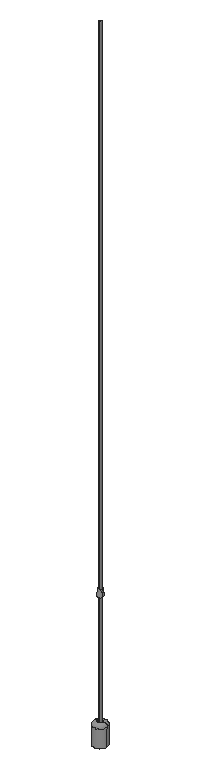
Revit family "Hinaki 900", category Lighting Fixtures, host Ceiling, Revit 2017
Family settings
  Host = Ceiling
  Round Connector Dimension = Use Diameter
  Part Type = Normal
  OmniClass Number = 23.80.70.11
  OmniClass Title = Luminaries for Internal Lighting
  Always vertical = Yes
  Cut with Voids When Loaded = No
  Light Source = Yes
  Shared = No
  Room Calculation Point = No
Parameters (values of type "Generic")
  Wattage Comments = "Max. 60 Watts. 110V(US) / 230-240V(EU). Lamp NOT provided."
  Wattage = 6.7321 W
  built-in parameter 1150110 = 1 (stored number, unit not read)
  URL = "https://www.davidtrubridge.com"
  Type Comments = "Ceilig Rose required, contact supplier for options."
  built-in parameter 1114217 = 1 (stored number, unit not read)
  built-in parameter 1150109 = 1 (stored number, unit not read)
  built-in parameter 1150134 = (empty or 0)
  Suspension Top [instance] = Suspension Mid - 200 mm  # 1800 mm
  built-in parameter 1150113 = 1 (stored number, unit not read)
  Model = "Hinaki 900"
  Manufacturer = "David Trubridge"
  Lumens = 1000 lm
  built-in parameter 1150115 = 1 (stored number, unit not read)
  built-in parameter 1150105 = 79.577 (stored number, unit not read)
  Suspension Mid [instance] = 2000 mm
  Light Source Symbol Size = 200 mm
  built-in parameter 1150137 = (empty or 0)
  built-in parameter 1150139 = (empty or 0)
  Lamp Wattage = 0 W
  built-in parameter 1150112 = 1 (stored number, unit not read)
  built-in parameter 1150114 = 1 (stored number, unit not read)
  Lamp = "E27 / (E26 USA)"
  built-in parameter 1150132 = 2
  built-in parameter 1150102 = (empty or 0)
  built-in parameter 1150138 = (empty or 0)
  built-in parameter 1150107 = 3000 (stored number, unit not read)
  built-in parameter 1150106 = 0.79577 (stored number, unit not read)
  built-in parameter 1150104 = 13.8 (stored number, unit not read)
  Dimming Lamp Color Temperature Shift = <None>
  Description = "Pendant in bamboo plywood. Can be made in a large range of colours. Lamp is not supplied"
  Cordset Finish = Plastic, Opaque White
  Color Filter = 16777215
  built-in parameter 1114218 = 1 (stored number, unit not read)
  built-in parameter 1150133 = 10 (stored number, unit not read)
  Apparent Load = 0 VA
Reference planes
  plane 1 "Light Source Axis (F/B)": y = 0
  plane 2: z = 0
  plane 3 "Light Source Axis (L/R)": x = 0
  plane 4 "Ceiling": z = 4000
  plane 5 "Light Source Elevation": z = 2000
  plane 6 "Top of pendant": z = 2450
  plane 7 "Light Socket": z = 2050
  plane 8 "Outer edge": x = -154.595
  plane 9 "Outer Edge": x = 155
  plane 10 "Bottom of Pendant": z = 1544.665
Forms (mm)
  Revolve 1, solid, material "Plastic, Opaque White" <- "Cordset Finish"
    sketch origin (0, 0, -205) x (1, 0, 0) y (0, 0, 1)
      loop
        line (0, 2317) -> (0, 2255) -> (20, 2255) -> (20, 2307)
        arc (20, 2307) -> (17.071, 2314.071) -> (10, 2317) r 10
        line (10, 2317) -> (0, 2317)
      axis (0, 2255) -> (0, 2317)
    angle from 0 to 360
  Extrusion 2, solid, material "Plastic, Opaque White" <- "Cordset Finish"
    sketch origin (0, 0, 3200) x (0, 1, 0) y (-1, 0, 0)
      loop
        circle (0, 0) r 3
    from -750 to 800
  Extrusion 3, solid, material "Plastic, Opaque White" <- "Cordset Finish"
    sketch origin (0, 0, 3200) x (0, 1, 0) y (-1, 0, 0)
      loop
        circle (0, 0) r 3
    from -1150 to -750
  Revolve 4, solid, material "Plastic, Opaque White" <- "Cordset Finish"
    sketch origin (0, 0, -40) x (1, 0, 0) y (0, 0, 1)
      loop
        line (0, 2510) -> (0, 2490) -> (7.5, 2490) -> (5, 2510) -> (0, 2510)
      axis (0, 2490) -> (0, 2510)
    angle from 0 to 360
Dimensions and locks
  equal spacing: host sketch curve, plane 3 "Light Source Axis (L/R)", host sketch curve
  equal spacing: host sketch curve, plane 1 "Light Source Axis (F/B)", host sketch curve
  host sketch curve to host sketch curve = 4000 mm  (x2)
  host ceiling to plane 4 "Ceiling" = 0 mm
  plane 4 "Ceiling" to level = 4000 mm
  "Suspension Mid": plane 5 "Light Source Elevation" to plane 4 "Ceiling"
  locked: plane 5 "Light Source Elevation" to plane 6 "Top of pendant" at 450
  locked: plane 5 "Light Source Elevation" to plane 7 "Light Socket" at 50
  plane 9 "Outer Edge" to plane 8 "Outer edge" = 309.595 mm
  plane 8 "Outer edge" to plane 9 "Outer Edge" = 309.595 mm
  plane 10 "Bottom of Pendant" to plane 6 "Top of pendant" = 905.335 mm
  plane 3 "Light Source Axis (L/R)" to plane 8 "Outer edge" = 154.595 mm
  plane 9 "Outer Edge" to plane 3 "Light Source Axis (L/R)" = 155 mm
  aligned and locked: plane 3 "Light Source Axis (L/R)" to imposter light
  aligned and locked: plane 1 "Light Source Axis (F/B)" to imposter light
  aligned and locked: plane 5 "Light Source Elevation" to imposter light
  aligned and locked: plane 6 "Top of pendant" to Extrusion 2
  aligned and locked: Extrusion 3 to Revolve 1
  aligned and locked: plane 7 "Light Socket" to Extrusion 3
  aligned and locked: level to plane 2
  aligned and locked: Extrusion 3 to plane 6 "Top of pendant"
  aligned and locked: Extrusion 2 to plane 4 "Ceiling"
  aligned and locked: import instance to plane 6 "Top of pendant"
Automatic sketch dimensions
  Revolve 1 sketch curve to plane 3 "Light Source Axis (L/R)" = 0 mm
  plane 3 "Light Source Axis (L/R)" to Revolve 1 sketch curve = 0 mm
  plane 3 "Light Source Axis (L/R)" to Revolve 1 sketch curve = 10 mm
  Revolve 1 sketch curve to Revolve 1 sketch curve = 20 mm
  Revolve 1 sketch curve to plane 5 "Light Source Elevation" = 50 mm
  Revolve 1 sketch curve to Revolve 1 sketch curve = 52 mm
  Revolve 1 sketch curve to level = 563.228 mm
  Revolve 1 sketch curve to plane 4 "Ceiling" = 157.185 mm
  plane 1 "Light Source Axis (F/B)" to Extrusion 2 sketch curve = 0 mm
  Extrusion 2 sketch curve to plane 3 "Light Source Axis (L/R)" = 0 mm
  plane 1 "Light Source Axis (F/B)" to Extrusion 3 sketch curve = 0 mm
  Extrusion 3 sketch curve to plane 3 "Light Source Axis (L/R)" = 0 mm
  Revolve 4 sketch curve to plane 3 "Light Source Axis (L/R)" = 0 mm  (x2)
  Revolve 4 sketch curve to plane 6 "Top of pendant" = 0 mm
  plane 3 "Light Source Axis (L/R)" to Revolve 4 sketch curve = 5 mm
  plane 3 "Light Source Axis (L/R)" to Revolve 4 sketch curve = 7.5 mm
  Revolve 4 sketch curve to plane 6 "Top of pendant" = 20 mm
  Revolve 4 sketch curve to level = 344.8 mm
  plane 4 "Ceiling" to Revolve 4 sketch curve = 40 mm
  radius of Extrusion 2 sketch curve = 3 mm
  radius of Extrusion 3 sketch curve = 3 mm
Connectors
  electrical at (0, 0, 4000)
    settings: index 1, voltage 0 V, apparent load 0 VA, apparent load phase1 0 VA, apparent load phase2 0 VA, apparent load phase3 0 VA, power factor 1, load classification "Other", number of poles 1, system type 30, power factor state 0, is connector primary yes, connector utility no, sub classification motor no, connector description ""
